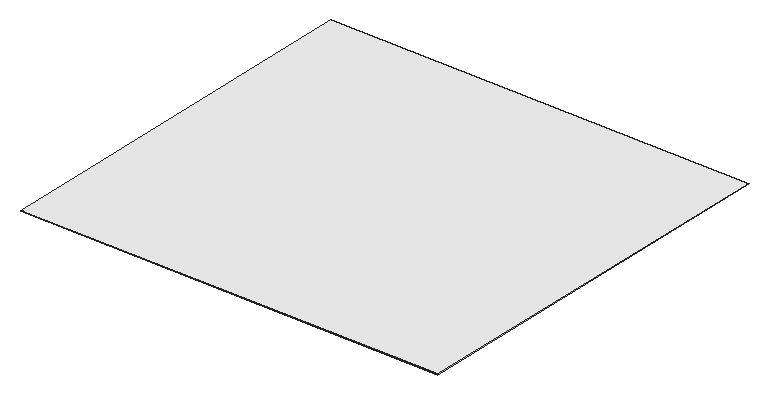
Revit family "GEN_Inner_Nested_Bay_template", category Generic Models, Revit 2024
Family settings
  Can host rebar = No
  Round Connector Dimension = Use Diameter
  Part Type = Normal
  Work Plane-Based = No
  Always vertical = Yes
  Cut with Voids When Loaded = No
  Maintain Annotation Orientation = No
  Shared = Yes
  Room Calculation Point = No
Parameters (values of type "Rectangle_Inner_Nested")
  Learning Link = ""
  HSL_drofus_room_func_no [instance] = ""
  HSL_WIDTH [instance] = 1880 mm
  HSL_ROOM_NUMBER [instance] = ""
  HSL_HEIGHT [instance] = 1574.089 mm
  HSL_DEPTH [instance] = 1766.032 mm
  HSL_DEPARTMENT_2 [instance] = ""
  HSL_DEPARTMENT_1 [instance] = ""
  HSL_DEPARTMENT [instance] = ""
  HSL_CLIENT_REQ_AREA_DIFF_PERC [instance] = 0
  HSL_CLIENT_REQ_AREA_DIFF [instance] = 0.00 m²
  Default Elevation = 0 mm
Reference planes
  plane 1 "Center (Front/Back)": y = 0
  plane 2: z = 0
  plane 3 "Center (Left/Right)": x = 0
  plane 4: z = 1574.089
Forms (mm)
  Extrusion 1, solid, detail levels medium+fine
    sketch origin (0, 0, 0) x (1, 0, 0) y (0, 1, 0)
      loop
        line (-832.073, 775.089) -> (-832.073, -775.089) -> (832.073, -775.089) -> (832.073, 775.089) -> (-832.073, 775.089)
    from 0 to 1
Lines and regions (mm)
  model lines, style "InvisibleLines", detail levels medium+fine
    curve 1: line (0, 0, 0) -> (0, 0, 1574.089)
Dimensions and locks
  "HSL_HEIGHT": plane 4 to level
  aligned and locked: level to plane 2
  aligned and locked: plane 4 to curve 1
  aligned and locked: level to curve 1
  aligned and locked: plane 3 "Center (Left/Right)" to curve 1
Automatic sketch dimensions
  plane 3 "Center (Left/Right)" to Extrusion 1 sketch curve = 832.073 mm
  Extrusion 1 sketch curve to plane 1 "Center (Front/Back)" = 775.089 mm
  Extrusion 1 sketch curve to plane 3 "Center (Left/Right)" = 832.073 mm
  plane 1 "Center (Front/Back)" to Extrusion 1 sketch curve = 775.089 mm
